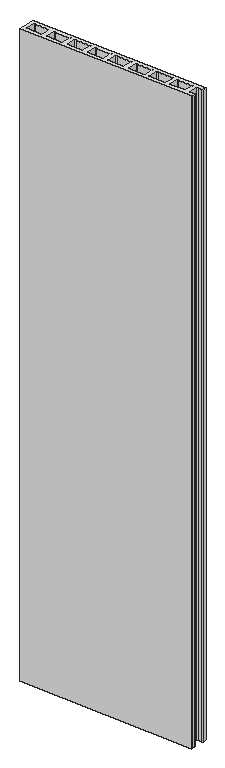
Revit family "ECP_MNH6060A(オス側カット)", category 一般モデル, Revit 2022
Family settings
  鉄筋をホスト可能 = いいえ
  丸型コネクタ寸法 = 直径を使用
  パーツ タイプ = 標準
  作業面ベース = いいえ
  常に垂直 = はい
  ロード時にボイドで切り取り = はい
  注釈の向きを維持 = いいえ
  共有 = いいえ
  部屋計算ポイント = いいえ
Parameters (values of type "ECP_MNH6060A")
  長さ [instance] = 2000 mm
  穴表示 = yes
  材質 = 40Msr_ECP
  既定の高さ = 0 mm
  既存長さ = 600 mm
  幅 [instance] = 590 mm
  固定寸法 = 590 mm
  厚さ = 60 mm
  オース側カット [instance] = 固定寸法 - 幅  # 0 mm
  4 オス側カット [instance] = yes
Reference planes
  plane 1 "中心(正面/背面)": y = 0
  plane 2: z = 0
  plane 3 "中心(左/右)": x = 0
  plane 4: y = -30
  plane 5: y = 30
  plane 6: z = 2000
  plane 7: x = 590
  plane 8: x = 0
  plane 9: x = 0
Forms (mm)
  Extrusion 1, solid, material "40Msr_ECP" <- "材質", detail levels fine
    sketch origin (0, 0, 0) x (1, 0, 0) y (0, 1, 0)
      loop
        line (0, -28) -> (2, -30) -> (588, -30) -> (590, -28) -> (590, -19)
        arc (590, -19) -> (589.121, -16.879) -> (587, -16) r 3
        line (587, -16) -> (573, -16)
        arc (573, -16) -> (570.879, -15.121) -> (570, -13) r 3
        line (570, -13) -> (570, 13)
        arc (570, 13) -> (570.879, 15.121) -> (573, 16) r 3
        line (573, 16) -> (587, 16)
        arc (587, 16) -> (589.121, 16.879) -> (590, 19) r 3
        line (590, 19) -> (590, 28) -> (588, 30) -> (2, 30) -> (0, 28) -> (0, 16)
        arc (0, 16) -> (-0.879, 13.879) -> (-3, 13) r 3
        line (-3, 13) -> (-17, 13)
        arc (-17, 13) -> (-19.121, 12.121) -> (-20, 10) r 3
        line (-20, 10) -> (-20, -10)
        arc (-20, -10) -> (-19.121, -12.121) -> (-17, -13) r 3
        line (-17, -13) -> (-3, -13)
        arc (-3, -13) -> (-0.879, -13.879) -> (0, -16) r 3
        line (0, -16) -> (0, -28)
    from 0 to 2000
  Extrusion 2, void
    sketch origin (-50, 0, 0) x (1, 0, 0) y (0, 1, 0)
      loop
        line (50, -30) -> (50, 30) -> (30, 30) -> (30, -30) -> (50, -30)
    from 0 to 2000
  Extrusion 3, void
    sketch origin (-617, 0, 0) x (1, 0, 0) y (0, 1, 0)
      loop
        line (633, -17) -> (682.5, -17)
        arc (682.5, -17) -> (684.622, -16.121) -> (685.5, -14) r 3
        line (685.5, -14) -> (685.5, 14)
        arc (685.5, 14) -> (684.622, 16.121) -> (682.5, 17) r 3
        line (682.5, 17) -> (633, 17)
        arc (633, 17) -> (630.879, 16.121) -> (630, 14) r 3
        line (630, 14) -> (630, -14)
        arc (630, -14) -> (630.879, -16.121) -> (633, -17) r 3
      loop
        line (771.5, -17) -> (822.5, -17)
        arc (822.5, -17) -> (824.622, -16.121) -> (825.5, -14) r 3
        line (825.5, -14) -> (825.5, 14)
        arc (825.5, 14) -> (824.622, 16.121) -> (822.5, 17) r 3
        line (822.5, 17) -> (771.5, 17)
        arc (771.5, 17) -> (769.379, 16.121) -> (768.5, 14) r 3
        line (768.5, 14) -> (768.5, -14)
        arc (768.5, -14) -> (769.379, -16.121) -> (771.5, -17) r 3
      loop
        line (841.5, -17) -> (892.5, -17)
        arc (892.5, -17) -> (894.622, -16.121) -> (895.5, -14) r 3
        line (895.5, -14) -> (895.5, 14)
        arc (895.5, 14) -> (894.622, 16.121) -> (892.5, 17) r 3
        line (892.5, 17) -> (841.5, 17)
        arc (841.5, 17) -> (839.379, 16.121) -> (838.5, 14) r 3
        line (838.5, 14) -> (838.5, -14)
        arc (838.5, -14) -> (839.379, -16.121) -> (841.5, -17) r 3
      loop
        line (911.5, -17) -> (962.5, -17)
        arc (962.5, -17) -> (964.622, -16.121) -> (965.5, -14) r 3
        line (965.5, -14) -> (965.5, 14)
        arc (965.5, 14) -> (964.622, 16.121) -> (962.5, 17) r 3
        line (962.5, 17) -> (911.5, 17)
        arc (911.5, 17) -> (909.379, 16.121) -> (908.5, 14) r 3
        line (908.5, 14) -> (908.5, -14)
        arc (908.5, -14) -> (909.379, -16.121) -> (911.5, -17) r 3
      loop
        line (981.5, -17) -> (1032.5, -17)
        arc (1032.5, -17) -> (1034.622, -16.121) -> (1035.5, -14) r 3
        line (1035.5, -14) -> (1035.5, 14)
        arc (1035.5, 14) -> (1034.622, 16.121) -> (1032.5, 17) r 3
        line (1032.5, 17) -> (981.5, 17)
        arc (981.5, 17) -> (979.379, 16.121) -> (978.5, 14) r 3
        line (978.5, 14) -> (978.5, -14)
        arc (978.5, -14) -> (979.379, -16.121) -> (981.5, -17) r 3
      loop
        line (1051.5, -17) -> (1102.5, -17)
        arc (1102.5, -17) -> (1104.622, -16.121) -> (1105.5, -14) r 3
        line (1105.5, -14) -> (1105.5, 14)
        arc (1105.5, 14) -> (1104.622, 16.121) -> (1102.5, 17) r 3
        line (1102.5, 17) -> (1051.5, 17)
        arc (1051.5, 17) -> (1049.379, 16.121) -> (1048.5, 14) r 3
        line (1048.5, 14) -> (1048.5, -14)
        arc (1048.5, -14) -> (1049.379, -16.121) -> (1051.5, -17) r 3
      loop
        line (1121.5, -17) -> (1171, -17)
        arc (1171, -17) -> (1173.122, -16.121) -> (1174, -14) r 3
        line (1174, -14) -> (1174, 14)
        arc (1174, 14) -> (1173.122, 16.121) -> (1171, 17) r 3
        line (1171, 17) -> (1121.5, 17)
        arc (1121.5, 17) -> (1119.379, 16.121) -> (1118.5, 14) r 3
        line (1118.5, 14) -> (1118.5, -14)
        arc (1118.5, -14) -> (1119.379, -16.121) -> (1121.5, -17) r 3
      loop
        line (701.5, -17) -> (752.5, -17)
        arc (752.5, -17) -> (754.622, -16.121) -> (755.5, -14) r 3
        line (755.5, -14) -> (755.5, 14)
        arc (755.5, 14) -> (754.622, 16.121) -> (752.5, 17) r 3
        line (752.5, 17) -> (701.5, 17)
        arc (701.5, 17) -> (699.379, 16.121) -> (698.5, 14) r 3
        line (698.5, 14) -> (698.5, -14)
        arc (698.5, -14) -> (699.379, -16.121) -> (701.5, -17) r 3
    from 0 to 2000
Cuts and joins
  Extrusion 2, Extrusion 3 cuts Extrusion 1
Lines and regions (mm)
  symbolic lines, style "ECPパネル", detail levels coarse+medium
    curve 1: line (0, 30, 0) -> (590, 30, 0)
    curve 2: line (0, -30, 0) -> (0, 30, 0)
    curve 3: line (590, -30, 0) -> (0, -30, 0)
    curve 4: line (590, 30, 0) -> (590, -30, 0)
    curve 5: line (0, 0, 0) -> (590, 0, 0)
    curve 6: line (0, 0, 2000) -> (0, 0, 0)
    curve 7: line (590, 0, 2000) -> (0, 0, 2000)
    curve 8: line (590, 0, 0) -> (590, 0, 2000)
    curve 9: line (0, -30, 2000) -> (0, 30, 2000)
    curve 10: line (0, -30, 0) -> (0, -30, 2000)
    curve 11: line (0, 30, 0) -> (0, -30, 0)
    curve 12: line (0, 30, 2000) -> (0, 30, 0)
Dimensions and locks
  "厚さ": plane 4 to plane 5
  "長さ": plane 6 to level
  equal spacing: plane 4, plane 1 "中心(正面/背面)", plane 5
  "長さ": cut or joined group of Extrusion 1, Extrusion 2, Extrusion 3 to level
  "長さ": Extrusion 2 to level
  "幅": cut or joined group of Extrusion 1, Extrusion 2, Extrusion 3 to curve 8
  "長さ": level to Extrusion 3
  "オース側カット": plane 3 "中心(左/右)" to Extrusion 2 sketch curve
  "固定寸法": plane 8 to plane 7
  "幅": plane 9 to plane 7
  aligned and locked: level to plane 2
Automatic sketch dimensions
  curve 11 to level = 0 mm
  curve 11 to plane 4 = 0 mm
  curve 11 to plane 5 = 0 mm
  curve 10 to plane 6 = 0 mm
  curve 7 to plane 3 "中心(左/右)" = 0 mm
  curve 5 to level = 0 mm
  curve 7 to plane 6 = 0 mm
  Extrusion 1 sketch curve to plane 3 "中心(左/右)" = 0 mm  (x2)
  plane 5 to Extrusion 1 sketch curve = 0 mm
  plane 4 to Extrusion 1 sketch curve = 0 mm
  Extrusion 1 sketch curve to plane 3 "中心(左/右)" = 3 mm  (x2)
  Extrusion 1 sketch curve to Extrusion 1 sketch curve = 14 mm  (x4)
  Extrusion 1 sketch curve to Extrusion 1 sketch curve = 3 mm  (x3)
  plane 3 "中心(左/右)" to Extrusion 1 sketch curve = 2 mm  (x2)
  plane 1 "中心(正面/背面)" to Extrusion 1 sketch curve = 13 mm
  Extrusion 1 sketch curve to Extrusion 1 sketch curve = 1 mm  (x2)
  Extrusion 1 sketch curve to Extrusion 1 sketch curve = 2 mm  (x2)
  Extrusion 1 sketch curve to plane 4 = 2 mm  (x2)
  Extrusion 1 sketch curve to Extrusion 1 sketch curve = 12 mm
  Extrusion 1 sketch curve to plane 1 "中心(正面/背面)" = 10 mm
  Extrusion 1 sketch curve to plane 1 "中心(正面/背面)" = 13 mm
  plane 5 to Extrusion 1 sketch curve = 2 mm  (x2)
  Extrusion 1 sketch curve to Extrusion 1 sketch curve = 568 mm
  plane 4 to Extrusion 2 sketch curve = 0 mm
  plane 5 to Extrusion 2 sketch curve = 0 mm
  Extrusion 2 sketch curve to plane 3 "中心(左/右)" = 20 mm
  plane 3 "中心(左/右)" to Extrusion 3 sketch curve = 13 mm
  Extrusion 3 sketch curve to Extrusion 3 sketch curve = 3 mm  (x24)
  plane 5 to Extrusion 3 sketch curve = 13 mm  (x6)
  Extrusion 3 sketch curve to Extrusion 3 sketch curve = 49.5 mm
  Extrusion 3 sketch curve to Extrusion 3 sketch curve = 0 mm  (x9)
  Extrusion 3 sketch curve to Extrusion 3 sketch curve = 13 mm  (x7)
  Extrusion 3 sketch curve to Extrusion 3 sketch curve = 51 mm  (x6)
  Extrusion 3 sketch curve to plane 4 = 13 mm  (x6)
  plane 1 "中心(正面/背面)" to Extrusion 3 sketch curve = 14 mm  (x2)
  Extrusion 3 sketch curve to plane 7 = 36 mm
  Extrusion 3 sketch curve to plane 1 "中心(正面/背面)" = 14 mm
  plane 4 to curve 3 = 0 mm
  curve 3 to plane 9 = 0 mm
  curve 3 to plane 7 = 0 mm
  plane 5 to curve 2 = 0 mm
